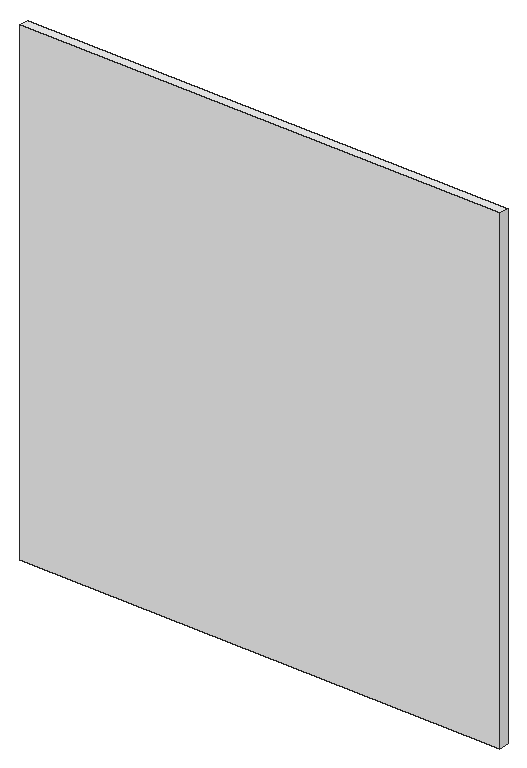
Revit family "PISO PARED HEXAGONO IBIS BLANCO CD_265021001", category Modelos genéricos, Revit 2024
Family settings
  Puede alojar armadura = No
  Cota de conector redondo = Usar diámetro
  Tipo de pieza = Normal
  Se basa en plano de trabajo = No
  Siempre vertical = Sí
  Corte con vacíos al cargar = No
  Mantener orientación de anotación = No
  Compartido = No
  Punto de cálculo de habitación = No
Parameters
  Elevación por defecto = 0 mm
Reference planes
  plane 1 "Center (Front/Back)": y = 0
  plane 2: z = 0
  plane 3 "Center (Left/Right)": x = 0
Forms (mm)
  Extrusion 1, solid, material "Analytical Panels"
    sketch origin (0, 0, 0) x (1, 0, 0) y (0, 1, 0)
      loop
        line (-1366.384, -136.448) -> (-1366.384, -194.576) -> (1633.616, -194.576) -> (1633.616, -136.448) -> (-1366.384, -136.448)
    from 0 to 3000
Dimensions and locks
  Extrusion 1 sketch curve to Extrusion 1 sketch curve = 58.128 mm
  Extrusion 1 to Extrusion 1 = 3000 mm  (x2)
  aligned and locked: level to plane 2
